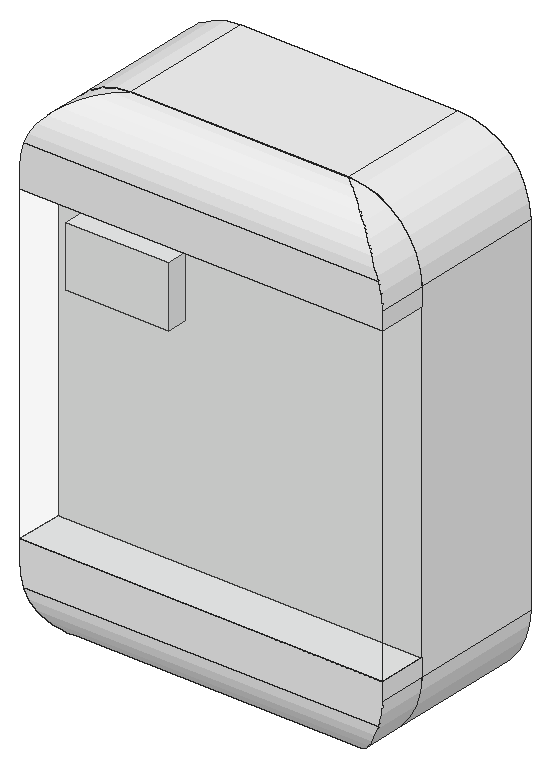
Revit family "НЕВАТОМ_Щиты приточные, водяной калорифер W, Версия 1", category Электрооборудование, Revit 2017
Family settings
  Конфигурация панели = Два столбца, слева направо
  Размер круглого соединителя = Использовать диаметр
  Тип детали = Щит
  На основе рабочей плоскости = Нет
  Всегда вертикально = Да
  При загрузке вырезать с полостями = Нет
  Общий = Нет
  Точка расчета площади = Нет
Parameters (values of type "ABU–W–1–ZM–11,0")
  Voltage = ""
  НЕВАТОМ_Симисторный регулятор = ""
  НЕВАТОМ_Преобразователь частоты Danfoss, кВт = "ND-051 11,0 кВт для 3 фазы"
  НЕВАТОМ_Ориентировочная мощность двигателя = 11 kW
  НЕВАТОМ_Номинальный ток двигателя = 24 A
  built-in parameter 1140083 [instance] = "Пластик"  # constant formula
  ADSK_Размер_Ширина = 153 mm
  ADSK_Размер_Длина = 300 mm
  ADSK_Размер_Высота = 410 mm
  ADSK_Примечание = ""
  ADSK_Позиция = ""
  ADSK_Напряжение = 380 V
  ADSK_Наименование = "ABU–W–1–ZM–7,5"
  ADSK_Марка = ADSK_Наименование  # "ABU–W–1–ZM–7,5"
  ADSK_Количество = 1  # constant formula
  ADSK_Код изделия = ""
  ADSK_Завод-изготовитель = "НЕВАТОМ"  # constant formula
  ADSK_Единица измерения = "шт."
  ADSK_URL документации изделия = ""
Types (15, lengths in mm): name | НЕВАТОМ_Симисторный регулятор | НЕВАТОМ_Преобразователь частоты Danfoss, кВт | НЕВАТОМ_Ориентировочная мощность двигателя | НЕВАТОМ_Номинальный ток двигателя | ADSK_Напряжение | ADSK_Наименование | ADSK_Марка
  (no name) | "" | "ND-051 11,0 кВт для 3 фазы" | 11 kW | 24 A | 380 V | "ABU–W–1–ZM–7,5" | "ABU–W–1–ZM–7,5"
  ABU–W–1–ZM–0,35 | "" | "ND-051 0,37 кВт для 3 фазы" | 0.37 kW | 1.6 A | 380 V | "ABU–W–1–ZM–0,35" | "ABU–W–1–ZM–0,35"
  ABU–W–1–ZM–0,75 | "" | "ND-051 0,75 кВт для 3 фазы" | 0.75 kW | 2.5 A | 380 V | "ABU–W–1–ZM–0,75" | "ABU–W–1–ZM–0,75"
  ABU–W–1–ZM–1,5 | "" | "ND-051 1.5 кВт для 3 фазы" | 1.5 kW | 4 A | 380 V | "ABU–W–1–ZM–1,5" | "ABU–W–1–ZM–1,5"
  ABU–W–1–ZM–2,2 | "" | "ND-051 2.2 кВт для 3 фазы" | 2.2 kW | 6 A | 380 V | "ABU–W–1–ZM–2,2" | "ABU–W–1–ZM–2,2"
  ABU–W–1–ZM–3,0 | "" | "ND-051 3,0 кВт для 3 фазы" | 3 kW | 10 A | 380 V | "ABU–W–1–ZM–3,0" | "ABU–W–1–ZM–3,0"
  ABU–W–1–ZM–4,0 | "" | "ND-051 4,0 кВт для 3 фазы" | 4 kW | 10 A | 380 V | "ABU–W–1–ZM–4,0" | "ABU–W–1–ZM–4,0"
  ABU–W–1–ZM–5,5 | "" | "ND-051 5,5 кВт для 3 фазы" | 5.5 kW | 13 A | 380 V | "ABU–W–1–ZM–5,5" | "ABU–W–1–ZM–5,5"
  ABU–W–1–ZM–7,5 | "" | "ND-051 7,5 кВт для 3 фазы" | 7.5 kW | 18 A | 380 V | "ABU–W–1–ZM–7,5" | "ABU–W–1–ZM–7,5"
  ABU–W–1–ZM–11,0 | "" | "ND-051 11,0 кВт для 3 фазы" | 11 kW | 24 A | 380 V | "ABU–W–1–ZM–7,5" | "ABU–W–1–ZM–7,5"
  ABU–W–1–ZM–15,0 | "" | "ND-051 15,0 кВт для 3 фазы" | 15 kW | 32 A | 380 V | "ABU–W–1–ZM–15,0" | "ABU–W–1–ZM–15,0"
  ABU–W–1–Z–0,35e–PZ/UVi | "SRM 2,5" | "" | 0.35 kW | 2 A | 220 V | "ABU–W–1–Z–0,35e–PZ/UVi" | "ABU–W–1–Z–0,35e–PZ/UVi"
  ABU–W–1–Z–0,5e–PZ/UVi | "SRM 2,5" | "" | 0.5 kW | 2.5 A | 220 V | "ABU–W–1–Z–0,5e–PZ/UVi" | "ABU–W–1–Z–0,5e–PZ/UVi"
  ABU–W–1–Z–0,8e–PZ/UVi | "SRM 5" | "" | 0.8 kW | 3 A | 220 V | "ABU–W–1–Z–0,8e–PZ/UVi" | "ABU–W–1–Z–0,8e–PZ/UVi"
  ABU–W–1–Z–1,0e–PZ/UVi | "SRM 5" | "" | 1 kW | 5 A | 220 V | "ABU–W–1–Z–1,0e–PZ/UVi" | "ABU–W–1–Z–1,0e–PZ/UVi"
Reference planes
  plane 1 "По центру (Вперед/Назад)": y = 0
  plane 2: z = 0
  plane 3 "По центру (Влево/Вправо)": x = 0
  plane 4: y = 76.5
  plane 5: y = -76.5
  plane 6: x = -150
  plane 7: x = 150
  plane 8: z = 410
  plane 9: y = -36.5
Forms (mm)
  Extrusion 1, solid, material "Условный материал-отделка"
    sketch origin (0, 0, 0) x (1, 0, 0) y (0, 1, 0)
      loop
        line (-150, 76.5) -> (-150, -36.5) -> (150, -36.5) -> (150, 76.5) -> (-150, 76.5)
    from 0 to 410
  Extrusion 2, solid, material "Условный материал-отделка"
    sketch origin (0, 0, 0) x (0, 1, 0) y (0, 0, 1)
      loop
        arc (-36.5, 410) -> (-64.784, 398.284) -> (-76.5, 370) r 40
        line (-76.5, 370) -> (-76.5, 335) -> (-36.5, 335) -> (-36.5, 410)
      loop
        line (-36.5, 0) -> (-36.5, 75) -> (-76.5, 75) -> (-76.5, 40)
        arc (-76.5, 40) -> (-64.784, 11.716) -> (-36.5, 0) r 40
    from -150 to 150
  Extrusion 3, void
    sketch origin (0, 0, 0) x (1, 0, 0) y (0, 0, 1)
      loop
        line (-150, 410) -> (-150, 350)
        arc (-150, 350) -> (-132.426, 392.426) -> (-90, 410) r 60
        line (-90, 410) -> (-150, 410)
    from -76.5 to 76.5
  Extrusion 4, void
    sketch origin (0, 0, 0) x (-1, 0, 0) y (0, 0, -1)
      loop
        line (-150, -410) -> (-90, -410)
        arc (-90, -410) -> (-132.426, -392.426) -> (-150, -350) r 60
        line (-150, -350) -> (-150, -410)
    from -80 to 80
  Extrusion 5, void
    sketch origin (0, 0, 610) x (-1, 0, 0) y (0, 0, -1)
      loop
        line (-150, 610) -> (-150, 550)
        arc (-150, 550) -> (-132.426, 592.426) -> (-90, 610) r 60
        line (-90, 610) -> (-150, 610)
    from -80 to 80
  Extrusion 6, void
    sketch origin (0, 0, 610) x (1, 0, 0) y (0, 0, 1)
      loop
        line (-150, -610) -> (-90, -610)
        arc (-90, -610) -> (-132.426, -592.426) -> (-150, -550) r 60
        line (-150, -550) -> (-150, -610)
    from -80 to 80
  Extrusion 7, solid, material "Стекло"
    sketch origin (0, 0, 0) x (1, 0, 0) y (0, 0, 1)
      loop
        line (-150, 335) -> (-150, 75) -> (150, 75) -> (150, 335) -> (-150, 335)
    from 36.5 to 76.5
  Extrusion 8, solid, material "По умолчанию"
    sketch origin (0, 0, 0) x (1, 0, 0) y (0, 0, 1)
      loop
        line (-127.842, 308.805) -> (-127.842, 258.805) -> (-42.842, 258.805) -> (-42.842, 308.805) -> (-127.842, 308.805)
    from 40 to 57.046
  Extrusion 9, solid
    sketch origin (-495, 0, 0) x (1, 0, 0) y (0, 1, 0)
      loop
        line (406.585, 36.5) -> (406.585, -36.5) -> (584.424, -36.5) -> (584.424, 36.5) -> (406.585, 36.5)
    from 0 to 2
Cuts and joins
  Extrusion 3, Extrusion 4, Extrusion 5, Extrusion 6 cuts Extrusion 2
  Extrusion 3, Extrusion 4, Extrusion 5, Extrusion 6 cuts Extrusion 1
Dimensions and locks
  equal spacing: plane 6, plane 3 "По центру (Влево/Вправо)", plane 7
  equal spacing: plane 4, plane 1 "По центру (Вперед/Назад)", plane 5
  "ADSK_Размер_Ширина": plane 4 to plane 5
  "ADSK_Размер_Длина": plane 6 to plane 7
  "ADSK_Размер_Высота": plane 8 to level
  plane 9 to plane 5 = 40 mm
  aligned and locked: level to plane 2
  aligned and locked: Extrusion 1 sketch curve to plane 4
  aligned and locked: plane 7 to Extrusion 1 sketch curve
  aligned and locked: Extrusion 1 sketch curve to plane 6
  aligned and locked: plane 9 to Extrusion 1
  aligned and locked: Extrusion 2 to plane 7
  aligned and locked: plane 6 to Extrusion 2
  aligned and locked: plane 4 to Extrusion 3
  aligned and locked: Extrusion 3 to plane 5
  aligned and locked: Extrusion 7 to plane 9
  aligned and locked: Extrusion 7 to plane 5
  aligned and locked: cut or joined group of Extrusion 1, Extrusion 3, Extrusion 4, Extrusion 5, Extrusion 6 to plane 8
Automatic sketch dimensions
  plane 9 to Extrusion 1 sketch curve = 0 mm
  Extrusion 2 sketch curve to plane 5 = 0 mm  (x2)
  Extrusion 2 sketch curve to level = 0 mm
  Extrusion 2 sketch curve to plane 9 = 0 mm  (x2)
  plane 8 to Extrusion 2 sketch curve = 0 mm
  Extrusion 2 sketch curve to Extrusion 2 sketch curve = 35 mm  (x2)
  plane 6 to Extrusion 3 sketch curve = 0 mm
  Extrusion 3 sketch curve to plane 8 = 0 mm
  Extrusion 3 sketch curve to plane 6 = 60 mm
  Extrusion 3 sketch curve to Extrusion 3 sketch curve = 0 mm
  plane 7 to Extrusion 4 sketch curve = 0 mm
  Extrusion 4 sketch curve to plane 8 = 0 mm
  Extrusion 4 sketch curve to plane 7 = 60 mm
  Extrusion 4 sketch curve to Extrusion 4 sketch curve = 0 mm
  plane 7 to Extrusion 5 sketch curve = 0 mm
  Extrusion 5 sketch curve to level = 0 mm
  level to Extrusion 5 sketch curve = 60 mm
  Extrusion 5 sketch curve to Extrusion 5 sketch curve = 0 mm
  plane 6 to Extrusion 6 sketch curve = 0 mm
  Extrusion 6 sketch curve to level = 0 mm
  Extrusion 6 sketch curve to level = 60 mm
  Extrusion 6 sketch curve to Extrusion 6 sketch curve = 0 mm
  plane 6 to Extrusion 7 sketch curve = 0 mm
  plane 7 to Extrusion 7 sketch curve = 0 mm
  level to Extrusion 7 sketch curve = 75 mm
  plane 8 to Extrusion 7 sketch curve = 75 mm
  Extrusion 8 sketch curve to plane 6 = 22.158 mm
  Extrusion 8 sketch curve to plane 3 "По центру (Влево/Вправо)" = 42.842 mm
  plane 8 to Extrusion 8 sketch curve = 151.195 mm
  Extrusion 8 sketch curve to Extrusion 8 sketch curve = 50 mm
  plane 5 to Extrusion 9 sketch curve = 40 mm
  Extrusion 9 sketch curve to plane 4 = 40 mm
  Extrusion 9 sketch curve to plane 6 = 61.585 mm
  plane 7 to Extrusion 9 sketch curve = 60.576 mm
Connectors
  electrical at (0.504, 0, 2), driven by "ADSK_Напряжение"
    settings: on Extrusion 9, index 1, voltage 380 V, apparent load 0 VA, apparent load phase1 0 VA, apparent load phase2 0 VA, apparent load phase3 0 VA, power factor 1, load classification "Прочее", number of poles 1, system type 31, power factor state 1, is connector primary yes, connector utility no, sub classification motor no, connector description ""
